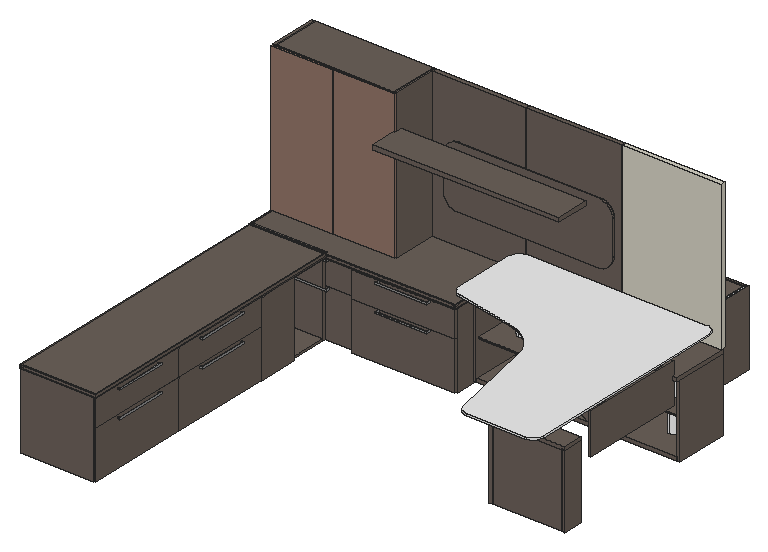
Revit family "OFS TYPICAL T100290", category Furniture, Revit 2022 (continued)
Definition of nested family "OFS STAKS HEIGHT ADJUSTABLE SWEEP TOP DESK 68x60 Top 16D Cabinet"
  Definition of nested family "APTOS SWEEP ELEVATED RUNOFF WORKSURFACE LEFT - WOOD TOP for 18D Cabinets"
    Automatic sketch dimensions
      Extrusion 11 sketch curve to Extrusion 11 sketch curve = 0' - 2.94241"
      Extrusion 11 sketch curve to Extrusion 11 sketch curve = 0' - 0.58118"
      Sweep 12 sketch curve to profile plane = 0' - 1 3/16"
      Sweep 12 sketch curve to profile plane = 0' - 0"
      Sweep 12 sketch curve to profile plane = 0' - 2"
      Sweep 12 sketch curve to profile plane = 0' - 0 1/2"
      Extrusion 11 sketch curve to Extrusion 11 sketch curve = 0' - 3"  (x3)
      Extrusion 11 sketch curve to Extrusion 11 sketch curve = 1' - 6.06402"
      Extrusion 11 sketch curve to Extrusion 11 sketch curve = 0' - 3.60914"
      Extrusion 11 sketch curve to Extrusion 11 sketch curve = 0' - 9.44492"
      Extrusion 11 sketch curve to Extrusion 11 sketch curve = 2' - 1.93921"
      Extrusion 11 sketch curve to Extrusion 11 sketch curve = 0' - 0.58119"
      Extrusion 11 sketch curve to Extrusion 11 sketch curve = 0' - 11.76966"
      Extrusion 11 sketch curve to Extrusion 11 sketch curve = 1' - 4.81851"
      Extrusion 11 sketch curve to Extrusion 11 sketch curve = 0' - 5.23697"
      Extrusion 11 sketch curve to Extrusion 11 sketch curve = 0' - 9.43275"
      Extrusion 11 sketch curve to Extrusion 11 sketch curve = 1' - 5.56883"
      Extrusion 11 sketch curve to Extrusion 11 sketch curve = 0' - 2.41502"
  Definition of nested family "H4H"
    Parameters (values of type "H4H")
      Width = 1' - 10"
      URL = ""
      Depth = 0' - 6"
      Default Elevation = 0' - 0"
      Column Material [instance] = none
      Board Material [instance] = none
      Model = ""
      Manufacturer = ""
      Leg Caps Material [instance] = none
      Height = 1' - 10 7/8"
      Description = ""
      Copyright © = ""
      Catalog = ""
      Authoring Version = ""
      Assembly Code = ""
    Reference planes (in)
      plane 1 "Center Front/Back": y = 0
      plane 2: z = 0
      plane 3 "Center Left/Right": x = 0
      plane 4 "Height Top": z = 22.875
      plane 5: z = 21.875
      plane 6: z = 0.5
      plane 7: z = 1.5
      plane 8: y = 0
      plane 9: y = -0.75
      plane 10: y = -5.25
      plane 11: y = -6
      plane 12: x = -11
      plane 13: x = -10
      plane 14: x = 10
      plane 15: x = 11
    Forms (in)
      Extrusion 1, solid, material <- "Board Material"
        sketch origin (-17.58789, 78.5, 0) x (1, 0, 0) y (0, 1, 0)
          loop
            line (6.58789, -78.5) -> (6.58789, -84.5) -> (7.58789, -84.5) -> (7.58789, -78.5) -> (6.58789, -78.5)
        from 0.5 to 21.875
      Extrusion 2, solid, material <- "Board Material"
        sketch origin (15.08789, 78.5, 0) x (-1, 0, 0) y (0, -1, 0)
          loop
            line (4.08789, 78.5) -> (5.08789, 78.5) -> (5.08789, 84.5) -> (4.08789, 84.5) -> (4.08789, 78.5)
        from 0.5 to 21.875
      Extrusion 3, solid, material <- "Board Material"
        sketch origin (-17.58789, 78.5, 0) x (1, 0, 0) y (0, 1, 0)
          loop
            line (7.58789, -78.5) -> (7.58789, -79.25) -> (27.58789, -79.25) -> (27.58789, -78.5) -> (7.58789, -78.5)
        from 0.5 to 21.875
      Extrusion 4, solid, material <- "Board Material"
        sketch origin (-17.58789, -84.5, 0) x (1, 0, 0) y (0, 1, 0)
          loop
            line (7.58789, 78.5) -> (27.58789, 78.5) -> (27.58789, 79.25) -> (7.58789, 79.25) -> (7.58789, 78.5)
        from 0.5 to 21.875
      Extrusion 5, solid, material <- "Board Material"
        sketch origin (-17.58789, 78.5, 0) x (1, 0, 0) y (0, 1, 0)
          loop
            line (6.58789, -78.5) -> (6.58789, -84.5) -> (28.58788, -84.5) -> (28.58788, -78.5) -> (6.58789, -78.5)
        from 21.875 to 22.875
      Revolve 6, solid, material <- "Leg Caps Material"
        sketch origin (-35.97047, -3, 0) x (1, 0, 0) y (0, 0, -1)
          loop
            line (27, -0.28743) -> (27, -0.5) -> (28, -0.5) -> (28, 0) -> (27.5, 0)
            arc (27.5, 0) -> (27.35629, -0.14371) -> (27.5, -0.28743) r 0.14371
            line (27.5, -0.28743) -> (27, -0.28743)
          axis (28, -0.5) -> (28, 0)
        angle from 0 to 360
      Revolve 7, solid, material <- "Leg Caps Material"
        sketch origin (35.97047, -3, 0) x (-1, 0, 0) y (0, 0, 1)
          loop
            line (27, 0.28743) -> (27.5, 0.28743)
            arc (27.5, 0.28743) -> (27.35629, 0.14371) -> (27.5, 0) r 0.14371
            line (27.5, 0) -> (28, 0) -> (28, 0.5) -> (27, 0.5) -> (27, 0.28743)
          axis (28, 0.5) -> (28, 0)
        angle from 0 to 360
      Extrusion 8, solid, material <- "Board Material"
        sketch origin (-17.58789, 78.5, 0) x (1, 0, 0) y (0, 1, 0)
          loop
            line (7.58789, -79.25) -> (7.58789, -83.75) -> (27.58789, -83.75) -> (27.58789, -79.25) -> (7.58789, -79.25)
        from 0.5 to 1.5
    Dimensions and locks (in)
      "Height": plane 4 "Height Top" to level
      plane 4 "Height Top" to plane 5 = 0' - 1"
      locked: plane 7 to plane 6 at 1
      plane 6 to level = 0' - 0 1/2"
      "Width": plane 12 to plane 15
      "Depth": plane 1 "Center Front/Back" to plane 11
      aligned and locked: level to plane 2
      aligned and locked: Extrusion 4 to plane 6
      aligned and locked: Extrusion 1 to plane 6
      aligned and locked: Extrusion 2 to plane 6
      aligned and locked: Extrusion 8 to plane 6
      aligned and locked: Extrusion 3 to plane 6
      aligned and locked: plane 7 to Extrusion 8
      aligned and locked: Extrusion 8 to plane 14
      aligned and locked: plane 4 "Height Top" to Extrusion 5
      aligned and locked: Extrusion 5 to plane 5
      aligned and locked: plane 5 to Extrusion 4
      aligned and locked: plane 5 to Extrusion 3
      aligned and locked: plane 5 to Extrusion 1
      aligned and locked: plane 5 to Extrusion 2
    Automatic sketch dimensions
      Extrusion 1 sketch curve to plane 11 = 0' - 0"
      Extrusion 1 sketch curve to plane 12 = 0' - 0"
      Extrusion 1 sketch curve to plane 13 = 0' - 0"
      Extrusion 1 sketch curve to plane 8 = 0' - 0"
      Extrusion 2 sketch curve to plane 11 = 0' - 0"
      Extrusion 2 sketch curve to plane 15 = 0' - 0"
      Extrusion 2 sketch curve to plane 14 = 0' - 0"
      Extrusion 2 sketch curve to plane 8 = 0' - 0"
      Extrusion 3 sketch curve to plane 9 = 0' - 0"
      Extrusion 3 sketch curve to plane 13 = 0' - 0"
      Extrusion 3 sketch curve to plane 14 = 0' - 0"
      Extrusion 3 sketch curve to plane 8 = 0' - 0"
      Extrusion 4 sketch curve to plane 13 = 0' - 0"
      Extrusion 4 sketch curve to plane 14 = 0' - 0"
      Extrusion 4 sketch curve to plane 11 = 0' - 0"
      plane 10 to Extrusion 4 sketch curve = 0' - 0"
      Extrusion 5 sketch curve to plane 11 = 0' - 0"
      Extrusion 5 sketch curve to plane 12 = 0' - 0"
      Extrusion 5 sketch curve to plane 15 = 0' - 0"
      Extrusion 5 sketch curve to plane 8 = 0' - 0"
      Revolve 6 sketch curve to plane 6 = 0' - 0"
      Revolve 6 sketch curve to level = 0' - 0"
      level to Revolve 6 sketch curve = 0' - 0.28743"
      Revolve 6 sketch curve to plane 13 = 0' - 1.02953"
      Revolve 6 sketch curve to Revolve 6 sketch curve = 0' - 0 1/2"  (x2)
      Revolve 6 sketch curve to Revolve 6 sketch curve = 0' - 0"  (x3)
      Revolve 6 sketch curve to plane 7 = 0' - 0 1/4"
      Revolve 6 sketch curve to level = 0' - 0 1/2"
      Revolve 7 sketch curve to plane 6 = 0' - 0"
      Revolve 7 sketch curve to level = 0' - 0"
      level to Revolve 7 sketch curve = 0' - 0.28743"
      plane 14 to Revolve 7 sketch curve = 0' - 1.02953"
      Revolve 7 sketch curve to Revolve 7 sketch curve = 0' - 0 1/2"  (x2)
      Revolve 7 sketch curve to Revolve 7 sketch curve = 0' - 0"  (x2)
      Revolve 7 sketch curve to level = 0' - 0 1/2"
      Revolve 7 sketch curve to Revolve 7 sketch curve = 0' - 0.14371"
      Revolve 7 sketch curve to plane 7 = 0' - 0 1/4"
      Extrusion 8 sketch curve to plane 13 = 0' - 0"
      Extrusion 8 sketch curve to plane 9 = 0' - 0"
      Extrusion 8 sketch curve to plane 10 = 0' - 0"
      plane 14 to Extrusion 8 sketch curve = 0' - 0"
Definition of nested family "STAKS MODESTY PANEL - Veneer _ Wood Grain _ Frosted"
  Parameters (values of type "STAKS MODESTY PANEL FROSTED ACRYLIC 29.938-12")
    URL = "http://www.ofs.com"
    Thickness = 0' - 0 1/4"
    Width = 2' - 5 15/16"
    Model = "6-AMPA"
    Manufacturer = "OFS"
    WDVNR/PNT = no
    WDGRN/TFL = no
    FROSTED = yes
    Description = "OFS STAKS MODESTY PANEL FROSTED ACRYLIC 29.9375-12 X .75, For Desks or Worksurface Height Tops"
    Default Elevation = 0' - 0"
    Copyright © = "©OFS 2018"
    Catalog = "https://ofs.com/products/casegoods/private-office/staks"
    BRKT L/R = no
    BRKT CNTR = no
    Authoring Version = "Autodesk Revit Architecture 2013"
    Assembly Code = "E2020200"
  Types (12): name | Thickness | Width | Model | WDVNR/PNT | WDGRN/TFL | FROSTED | Description | BRKT L/R | BRKT CNTR
    STAKS MODESTY PANEL WOOD VENEER 29.938-12 | 0' - 0 3/4" | 2' - 5.938" | "6-WMPA" | yes | no | no | "OFS STAKS MODESTY PANEL WOOD VENEER 29.9375-12 X .75, For Desks or Worksurface Height Tops" | yes | no
    STAKS MODESTY PANEL WOOD VENEER 47.9375-30 | 0' - 0 3/4" | 3' - 11 15/16" | "6-WMPB" | yes | no | no | "OFS STAKS MODESTY PANEL WOOD VENEER 47.9375-30 X .75, For Desks or Worksurface Height Tops" | yes | no
    STAKS MODESTY PANEL WOOD VENEER 65.9375-48 | 0' - 0 3/4" | 5' - 5 15/16" | "6-WMPC" | yes | no | no | "OFS STAKS MODESTY PANEL WOOD VENEER 65.9375-48 X .75, For Desks or Worksurface Height Tops" | yes | no
    STAKS MODESTY PANEL WOOD VENEER 84-66 | 0' - 0 3/4" | 7' - 0" | "6-WMPD" | yes | no | no | "OFS STAKS MODESTY PANEL WOOD VENEER 84-66 X .75, For Desks or Worksurface Height Tops" | yes | yes
    STAKS MODESTY PANEL TFL WOOD GRAIN AND TFL SOLID COLORS 29.938-12 | 0' - 0 3/4" | 2' - 5 15/16" | "6-KMPA" | no | yes | no | "OFS STAKS MODESTY PANEL TFL WOOD GRAIN AND TFL SOLID COLORS 29.9375-12 X .75, For Desks or Worksurface Height Tops" | yes | no
    STAKS MODESTY PANEL TFL WOOD GRAIN AND TFL SOLID COLORS 47.9375-30 | 0' - 0 3/4" | 3' - 11 15/16" | "6-KMPB" | no | yes | no | "OFS STAKS MODESTY PANEL TFL WOOD GRAIN AND TFL SOLID COLORS 47.9375-30 X .75, For Desks or Worksurface Height Tops" | yes | no
    STAKS MODESTY PANEL TFL WOOD GRAIN AND TFL SOLID COLORS 65.9375-48 | 0' - 0 3/4" | 5' - 5 15/16" | "6-KMPC" | no | yes | no | "OFS STAKS MODESTY PANEL TFL WOOD GRAIN AND TFL SOLID COLORS 65.9375-48 X .75, For Desks or Worksurface Height Tops" | yes | no
    STAKS MODESTY PANEL TFL WOOD GRAIN AND TFL SOLID COLORS 84-66 | 0' - 0 3/4" | 7' - 0" | "6-KMPD" | no | yes | no | "OFS STAKS MODESTY PANEL TFL WOOD GRAIN AND TFL SOLID COLORS 84-66 X .75, For Desks or Worksurface Height Tops" | yes | yes
    STAKS MODESTY PANEL FROSTED ACRYLIC 29.938-12 | 0' - 0 1/4" | 2' - 5 15/16" | "6-AMPA" | no | no | yes | "OFS STAKS MODESTY PANEL FROSTED ACRYLIC 29.9375-12 X .75, For Desks or Worksurface Height Tops" | no | no
    STAKS MODESTY PANEL FROSTED ACRYLIC 47.938-30 | 0' - 0 1/4" | 3' - 11 15/16" | "6-AMPB" | no | no | yes | "OFS STAKS MODESTY PANEL FROSTED ACRYLIC 47.9375-30 X .75, For Desks or Worksurface Height Tops" | no | no
    STAKS MODESTY PANEL FROSTED ACRYLIC 65.938-48 | 0' - 0 1/4" | 5' - 5 15/16" | "6-AMPC" | no | no | yes | "OFS STAKS MODESTY PANEL FROSTED ACRYLIC 65.9375-48 X .75, For Desks or Worksurface Height Tops" | no | no
    STAKS MODESTY PANEL FROSTED ACRYLIC 84-66 | 0' - 0 1/4" | 7' - 0" | "6-AMPD" | no | no | yes | "OFS STAKS MODESTY PANEL FROSTED ACRYLIC 84-66 X .75, For Desks or Worksurface Height Tops" | no | no
  Reference planes (in)
    plane 1: z = 0
    plane 2 "Back": y = 1.62535
    plane 3 "MOUNTING LEVEL": z = 27.375
    plane 4 "RIGHT": x = -2.531
    plane 5: x = 12.43775
    plane 6: x = -17.49975
    plane 7: y = 1.37535
    plane 8: z = 26.875
    plane 9: z = 15.125
    plane 10: x = -14.12475
    plane 11: x = 9.06275
  Forms (in)
    Extrusion 1, solid, visible <- "WDVNR/PNT"
      sketch origin (-21.5, 2.25, 14.94485) x (0, 1, 0) y (0, 0, 1)
        loop
          line (-0.87465, 11.93015) -> (-0.87465, 0.18015) -> (-0.62465, 0.18015) -> (-0.62465, 11.93015) -> (-0.87465, 11.93015)
      from 4.00025 to 33.93775
    Extrusion 2, solid, visible <- "WDGRN/TFL"
      sketch origin (-21.65252, 0.50666, 14.94485) x (0, 1, 0) y (0, 0, 1)
        loop
          line (0.86869, 11.93015) -> (0.86869, 0.18015) -> (1.11869, 0.18015) -> (1.11869, 11.93015) -> (0.86869, 11.93015)
      from 4.15277 to 34.09027
    Extrusion 3, solid, not visible
      sketch origin (-21.65252, -2.24334, 14.94485) x (0, 1, 0) y (0, 0, 1)
        loop
          line (3.61869, 11.93015) -> (3.61869, 0.18015) -> (3.86869, 0.18015) -> (3.86869, 11.93015) -> (3.61869, 11.93015)
      from 4.15277 to 34.09027
    Extrusion 4, solid, visible <- "FROSTED"
      sketch origin (-21.65252, -5.24334, 14.94485) x (0, 1, 0) y (0, 0, 1)
        loop
          line (6.61869, 11.93015) -> (6.61869, 0.18015) -> (6.86869, 0.18015) -> (6.86869, 11.93015) -> (6.61869, 11.93015)
      from 4.15277 to 34.09027
  Lines and regions (in)
    Masking region 1, visible <- "WDVNR/PNT"
      outline origin (0, 0, 27.375) x (-1, 0, 0) y (0, -1, 0)
        loop
          line (17.49975, -1.62535) -> (17.49975, -1.37535) -> (-12.43775, -1.37535) -> (-12.43775, -1.62535) -> (17.49975, -1.62535)
    Masking region 2, visible <- "WDGRN/TFL"
      outline origin (-0.15252, -1.74334, 27.375) x (-1, 0, 0) y (0, -1, 0)
        loop
          line (17.34723, -3.36869) -> (17.34723, -3.11869) -> (-12.59027, -3.11869) -> (-12.59027, -3.36869) -> (17.34723, -3.36869)
    Masking region 3, not visible
      outline origin (-0.15252, -4.49334, 27.375) x (-1, 0, 0) y (0, -1, 0)
        loop
          line (17.34723, -6.11869) -> (17.34723, -5.86869) -> (-12.59027, -5.86869) -> (-12.59027, -6.11869) -> (17.34723, -6.11869)
    Masking region 4, visible <- "FROSTED"
      outline origin (-0.15252, -43.24334, 27.375) x (-1, 0, 0) y (0, -1, 0)
        loop
          line (17.34723, -44.86869) -> (17.34723, -44.61869) -> (-12.59027, -44.61869) -> (-12.59027, -44.86869) -> (17.34723, -44.86869)
    Masking region 5, visible <- "BRKT L/R"
      outline origin (0, 0, 27.375) x (-1, 0, 0) y (0, -1, 0)
        loop
          line (11.37475, -1.37535) -> (14.12475, -1.37535) -> (14.12475, -0.12535)
          arc (14.12475, -0.12535) -> (14.05153, 0.05143) -> (13.87475, 0.12465) r 0.25
          line (13.87475, 0.12465) -> (11.62475, 0.12465)
          arc (11.62475, 0.12465) -> (11.44797, 0.05143) -> (11.37475, -0.12535) r 0.25
          line (11.37475, -0.12535) -> (11.37475, -1.37535)
    Masking region 6, visible <- "BRKT CNTR"
      outline origin (11, 0, 27.375) x (-1, 0, 0) y (0, -1, 0)
        loop
          line (12.156, -1.37535) -> (14.906, -1.37535) -> (14.906, -0.12535)
          arc (14.906, -0.12535) -> (14.83278, 0.05143) -> (14.656, 0.12465) r 0.25
          line (14.656, 0.12465) -> (12.406, 0.12465)
          arc (12.406, 0.12465) -> (12.22922, 0.05143) -> (12.156, -0.12535) r 0.25
          line (12.156, -0.12535) -> (12.156, -1.37535)
    Masking region 7, visible <- "BRKT L/R"
      outline origin (23.25, 0, 27.375) x (-1, 0, 0) y (0, -1, 0)
        loop
          line (14.18725, -1.37535) -> (16.93725, -1.37535) -> (16.93725, -0.12535)
          arc (16.93725, -0.12535) -> (16.86403, 0.05143) -> (16.68725, 0.12465) r 0.25
          line (16.68725, 0.12465) -> (14.43725, 0.12465)
          arc (14.43725, 0.12465) -> (14.26047, 0.05143) -> (14.18725, -0.12535) r 0.25
          line (14.18725, -0.12535) -> (14.18725, -1.37535)
  Dimensions and locks (in)
    locked: plane 3 "MOUNTING LEVEL" to plane 1 at 27.375
    equal spacing: plane 6, plane 4 "RIGHT", plane 5
    "Width": plane 6 to plane 5
    "Thickness": plane 7 to plane 2 "Back"
    locked: plane 3 "MOUNTING LEVEL" to plane 8 at 0.5
    locked: plane 8 to plane 9 at 11.75
    locked: plane 6 to plane 10 at 3.375
    locked: plane 11 to plane 5 at 3.375
    aligned and locked: level to plane 1
    aligned and locked: Extrusion 1 to plane 6
    aligned and locked: Extrusion 1 to plane 2 "Back"
    aligned and locked: plane 7 to Extrusion 1
    aligned and locked: plane 5 to Extrusion 1
    aligned and locked: Extrusion 2 to plane 6
    aligned and locked: Masking region 2 to plane 6
    aligned and locked: plane 5 to Extrusion 2
    aligned and locked: plane 5 to Masking region 2
    aligned and locked: plane 5 to Extrusion 3
    aligned and locked: plane 5 to Masking region 3
    aligned and locked: Extrusion 3 to plane 6
    aligned and locked: Masking region 3 to plane 6
    aligned and locked: Extrusion 4 to plane 6
    aligned and locked: Masking region 4 to plane 6
    aligned and locked: plane 5 to Extrusion 4
    aligned and locked: plane 5 to Masking region 4
    aligned and locked: Extrusion 2 to plane 2 "Back"
    aligned and locked: Masking region 2 to plane 2 "Back"
    aligned and locked: plane 7 to Extrusion 2
    aligned and locked: plane 7 to Masking region 2
    aligned and locked: Extrusion 3 to plane 2 "Back"
    aligned and locked: Masking region 3 to plane 2 "Back"
    aligned and locked: plane 7 to Extrusion 3
    aligned and locked: plane 7 to Masking region 3
    aligned and locked: Extrusion 4 to plane 2 "Back"
    aligned and locked: Masking region 4 to plane 2 "Back"
    aligned and locked: plane 7 to Extrusion 4
    aligned and locked: plane 7 to Masking region 4
    aligned: plane 8 to Extrusion 4
    aligned: plane 8 to Extrusion 3
    aligned: plane 8 to Extrusion 2
    aligned and locked: plane 8 to Extrusion 1
    aligned and locked: Extrusion 4 to plane 9
    aligned and locked: Extrusion 3 to plane 9
    aligned and locked: Extrusion 2 to plane 9
    aligned and locked: Extrusion 1 to plane 9
    aligned and locked: plane 8 to Extrusion 4
    aligned and locked: plane 8 to Extrusion 3
    aligned and locked: plane 8 to Extrusion 2
    aligned and locked: plane 3 "MOUNTING LEVEL" to nested 1
    aligned and locked: plane 7 to nested 1
    aligned and locked: plane 3 "MOUNTING LEVEL" to nested 2
    aligned and locked: plane 3 "MOUNTING LEVEL" to nested 3
    aligned and locked: nested 2 to plane 10
    aligned and locked: nested 3 to plane 11
    aligned and locked: plane 7 to nested 2
    aligned and locked: plane 7 to nested 3
    aligned and locked: Masking region 6 to nested 1  (x2)
    aligned and locked: Masking region 7 to plane 11
    aligned and locked: Masking region 7 to nested 3
  Automatic sketch dimensions
    Extrusion 1 sketch curve to plane 7 = 0' - 0"
    Extrusion 1 sketch curve to plane 2 "Back" = 0' - 0"
    Extrusion 1 sketch curve to plane 9 = 0' - 0"
    Extrusion 1 sketch curve to plane 8 = 0' - 0"
    plane 2 "Back" to Masking region 1 sketch curve = 0' - 0"
    Masking region 1 sketch curve to plane 5 = 0' - 0"
    Masking region 1 sketch curve to plane 6 = 0' - 0"
    plane 7 to Masking region 1 sketch curve = 0' - 0"
    Extrusion 2 sketch curve to plane 7 = 0' - 0"
    Extrusion 2 sketch curve to plane 2 "Back" = 0' - 0"
    Extrusion 2 sketch curve to plane 9 = 0' - 0"
    Extrusion 2 sketch curve to plane 8 = 0' - 0"
    plane 2 "Back" to Masking region 2 sketch curve = 0' - 0"
    Masking region 2 sketch curve to plane 5 = 0' - 0"
    Masking region 2 sketch curve to plane 6 = 0' - 0"
    plane 7 to Masking region 2 sketch curve = 0' - 0"
    Extrusion 3 sketch curve to plane 7 = 0' - 0"
    Extrusion 3 sketch curve to plane 2 "Back" = 0' - 0"
    Extrusion 3 sketch curve to plane 9 = 0' - 0"
    Extrusion 3 sketch curve to plane 8 = 0' - 0"
    plane 2 "Back" to Masking region 3 sketch curve = 0' - 0"
    Masking region 3 sketch curve to plane 5 = 0' - 0"
    Masking region 3 sketch curve to plane 6 = 0' - 0"
    plane 7 to Masking region 3 sketch curve = 0' - 0"
    Extrusion 4 sketch curve to plane 7 = 0' - 0"
    Extrusion 4 sketch curve to plane 2 "Back" = 0' - 0"
    Extrusion 4 sketch curve to plane 9 = 0' - 0"
    Extrusion 4 sketch curve to plane 8 = 0' - 0"
    plane 2 "Back" to Masking region 4 sketch curve = 0' - 0"
    Masking region 4 sketch curve to plane 5 = 0' - 0"
    Masking region 4 sketch curve to plane 6 = 0' - 0"
    plane 7 to Masking region 4 sketch curve = 0' - 0"
    plane 7 to Masking region 5 sketch curve = 0' - 0"
    Masking region 5 sketch curve to plane 10 = 0' - 0"
    plane 10 to Masking region 5 sketch curve = 0' - 0 1/4"
    Masking region 5 sketch curve to Masking region 5 sketch curve = 0' - 2 1/4"
    Masking region 5 sketch curve to Masking region 5 sketch curve = 0' - 0 1/4"
    plane 7 to Masking region 5 sketch curve = 0' - 1 1/4"
    plane 7 to Masking region 6 sketch curve = 0' - 0"
    plane 4 "RIGHT" to Masking region 6 sketch curve = 0' - 1 3/8"
    Masking region 6 sketch curve to Masking region 6 sketch curve = 0' - 0 1/4"  (x2)
    Masking region 6 sketch curve to plane 4 "RIGHT" = 0' - 1 1/8"
    Masking region 6 sketch curve to Masking region 6 sketch curve = 0' - 1 1/4"
    plane 7 to Masking region 7 sketch curve = 0' - 0"
    plane 11 to Masking region 7 sketch curve = 0' - 0"
    Masking region 7 sketch curve to Masking region 7 sketch curve = 0' - 0 1/4"  (x2)
    Masking region 7 sketch curve to Masking region 7 sketch curve = 0' - 2 1/4"
    Masking region 7 sketch curve to Masking region 7 sketch curve = 0' - 1 1/4"
  Nested families (in)
    nested 1: "MP BRKT" at (-2.531, 1.37535, 25.375), visible <- "BRKT CNTR", type "6-MPB-1"
    nested 2: "MP BRKT" at (-12.74975, 1.37535, 25.375), visible <- "BRKT L/R", type "6-MPB-1"
    nested 3: "MP BRKT" at (7.68775, 1.37535, 25.375), visible <- "BRKT L/R", type "6-MPB-1"
  Definition of nested family "MP BRKT"
    Parameters
      Default Elevation = 0' - 0"
    Reference planes (in)
      plane 1 "Center (Front/Back)": y = 0
      plane 2: z = 0
      plane 3 "Center (Left/Right)": x = 0
    Forms (in)
      Extrusion 1, solid
        sketch origin (-1.375, 0, 0) x (0, 1, 0) y (0, 0, 1)
          loop
            line (0, 0) -> (0, 1.625)
            arc (0, 1.625) -> (-0.10983, 1.89017) -> (-0.375, 2) r 0.375
            line (-0.375, 2) -> (-1.5, 2) -> (-1.5, 1.75) -> (-0.375, 1.75)
            arc (-0.375, 1.75) -> (-0.28661, 1.71339) -> (-0.25, 1.625) r 0.125
            line (-0.25, 1.625) -> (-0.25, 0) -> (0, 0)
        from 0 to 2.75
      Extrusion 2, void
        sketch origin (0, 0, 0) x (1, 0, 0) y (0, 1, 0)
          loop
            line (-1.375, -1.5) -> (-1.125, -1.5)
            arc (-1.125, -1.5) -> (-1.30178, -1.42678) -> (-1.375, -1.25) r 0.25
            line (-1.375, -1.25) -> (-1.375, -1.5)
        from 1.75 to 2
      Extrusion 3, void
        sketch origin (0, 0, 0) x (-1, 0, 0) y (0, -1, 0)
          loop
            line (-1.375, 1.5) -> (-1.375, 1.25)
            arc (-1.375, 1.25) -> (-1.30178, 1.42678) -> (-1.125, 1.5) r 0.25
            line (-1.125, 1.5) -> (-1.375, 1.5)
        from 1.75 to 2
      Extrusion 4, void
        sketch origin (0, -2, 1.5) x (1, 0, 0) y (0, 0, -1)
          loop
            line (-1.375, 1.5) -> (-1.375, 1.25)
            arc (-1.375, 1.25) -> (-1.30178, 1.42678) -> (-1.125, 1.5) r 0.25
            line (-1.125, 1.5) -> (-1.375, 1.5)
        from 1.75 to 2
      Extrusion 5, void
        sketch origin (0, -2, 1.5) x (-1, 0, 0) y (0, 0, 1)
          loop
            line (-1.375, -1.5) -> (-1.125, -1.5)
            arc (-1.125, -1.5) -> (-1.30178, -1.42678) -> (-1.375, -1.25) r 0.25
            line (-1.375, -1.25) -> (-1.375, -1.5)
        from 1.75 to 2
    Cuts and joins
      Extrusion 2, Extrusion 3, Extrusion 4, Extrusion 5 cuts Extrusion 1
    Dimensions and locks (in)
      aligned and locked: Extrusion 1 to Extrusion 2
      aligned and locked: Extrusion 2 to Extrusion 1
Definition of nested family "STAKS BENCHING RECTANGULAR WORKSURFACES"
  Parameters (values of type "STAKS BENCHING RECTANGULAR WORKSURFACE 48 X 22")
    URL = "https://www.ofs.com/"
    SURFACE DEPTH = 1' - 10"
    Model = "6-MCT-48/22"
    Manufacturer = "OFS"
    Description = "OFS STAKS BENCHING 48 X 22 RECTANGULAR WORKSURFACE"
    SURFACE WIDTH = 4' - 0"
    Default Elevation = 0' - 0"
    Copyright © = "© 2018 OFS"
    Catalog = "https://ofs.com/products/open-plan/benching/staks"
    Authoring Version = "Autodesk Revit Architecture 2013"
    Assembly Code = "E2020200"
  Types (21): name | SURFACE DEPTH | Model | Description | SURFACE WIDTH
    STAKS BENCHING RECTANGULAR WORKSURFACE 48 X 22 | 1' - 10" | "6-MCT-48/22" | "OFS STAKS BENCHING 48 X 22 RECTANGULAR WORKSURFACE" | 4' - 0"
    STAKS BENCHING RECTANGULAR WORKSURFACE 60 X 22 | 1' - 10" | "6-MCT-60/22" | "OFS STAKS BENCHING 60 X 22 RECTANGULAR WORKSURFACE" | 5' - 0"
    STAKS BENCHING RECTANGULAR WORKSURFACE 72 X 22 | 1' - 10" | "6-MCT-72/22" | "OFS STAKS BENCHING 72 X 22 RECTANGULAR WORKSURFACE" | 6' - 0"
    STAKS BENCHING RECTANGULAR WORKSURFACE 60 X 36 | 3' - 0" | "6-MCT-60/36" | "OFS STAKS BENCHING 60 X 36 RECTANGULAR WORKSURFACE" | 5' - 0"
    STAKS BENCHING RECTANGULAR WORKSURFACE 72 X 36 | 3' - 0" | "6-MCT-72/36" | "OFS STAKS BENCHING 72 X 36 RECTANGULAR WORKSURFACE" | 6' - 0"
    STAKS BENCHING RECTANGULAR WORKSURFACE 60 X 30 | 2' - 6" | "6-MCT-60/30" | "OFS STAKS BENCHING 60 X 30 RECTANGULAR WORKSURFACE" | 5' - 0"
    STAKS BENCHING RECTANGULAR WORKSURFACE 72 X 30 | 2' - 6" | "6-MCT-72/30" | "OFS STAKS BENCHING 72 X 30 RECTANGULAR WORKSURFACE" | 6' - 0"
    STAKS BENCHING RECTANGULAR WORKSURFACE 48 X 30 | 2' - 6" | "6-MCT-48/30" | "OFS STAKS BENCHING 48 X 30 RECTANGULAR WORKSURFACE" | 4' - 0"
    STAKS BENCHING RECTANGULAR WORKSURFACE 48 X 36 | 3' - 0" | "6-MCT-48/36" | "OFS STAKS BENCHING 48 X 36 RECTANGULAR WORKSURFACE" | 4' - 0"
    STAKS BENCHING RECTANGULAR WORKSURFACE 54 X 22 | 1' - 10" | "6-MCT-54/22" | "OFS STAKS BENCHING 54 X 22 RECTANGULAR WORKSURFACE" | 4' - 6"
    STAKS BENCHING RECTANGULAR WORKSURFACE 66 X 22 | 1' - 10" | "6-MCT-66/22" | "OFS STAKS BENCHING 66 X 22 RECTANGULAR WORKSURFACE" | 5' - 6"
    STAKS BENCHING RECTANGULAR WORKSURFACE 78 X 22 | 1' - 10" | "6-MCT-78/22" | "OFS STAKS BENCHING 78 X 22 RECTANGULAR WORKSURFACE" | 6' - 6"
    STAKS BENCHING RECTANGULAR WORKSURFACE 84 X 22 | 1' - 10" | "6-MCT-84/22" | "OFS STAKS BENCHING 84 X 22 RECTANGULAR WORKSURFACE" | 7' - 0"
    STAKS BENCHING RECTANGULAR WORKSURFACE 54 X 30 | 2' - 6" | "6-MCT-54/30" | "OFS STAKS BENCHING 54 X 30 RECTANGULAR WORKSURFACE" | 4' - 6"
    STAKS BENCHING RECTANGULAR WORKSURFACE 66 X 30 | 2' - 6" | "6-MCT-66/30" | "OFS STAKS BENCHING 66 X 30 RECTANGULAR WORKSURFACE" | 5' - 6"
    STAKS BENCHING RECTANGULAR WORKSURFACE 78 X 30 | 2' - 6" | "6-MCT-78/30" | "OFS STAKS BENCHING 78 X 30 RECTANGULAR WORKSURFACE" | 6' - 6"
    STAKS BENCHING RECTANGULAR WORKSURFACE 84 X 30 | 2' - 6" | "6-MCT-84/30" | "OFS STAKS BENCHING 84 X 30 RECTANGULAR WORKSURFACE" | 7' - 0"
    STAKS BENCHING RECTANGULAR WORKSURFACE 54 X 36 | 3' - 0" | "6-MCT-54/36" | "OFS STAKS BENCHING 54 X 36 RECTANGULAR WORKSURFACE" | 4' - 6"
    STAKS BENCHING RECTANGULAR WORKSURFACE 66 X 36 | 3' - 0" | "6-MCT-66/36" | "OFS STAKS BENCHING 66 X 36 RECTANGULAR WORKSURFACE" | 5' - 6"
    STAKS BENCHING RECTANGULAR WORKSURFACE 78 X 36 | 3' - 0" | "6-MCT-78/36" | "OFS STAKS BENCHING 78 X 36 RECTANGULAR WORKSURFACE" | 6' - 6"
    STAKS BENCHING RECTANGULAR WORKSURFACE 84 X 36 | 3' - 0" | "6-MCT-84/36" | "OFS STAKS BENCHING 84 X 36 RECTANGULAR WORKSURFACE" | 6' - 6"
  Reference planes (in)
    plane 1: z = -0.125
    plane 2 "LEFT": x = 7.55498
    plane 3 "RIGHT": x = 55.55498
    plane 4 "BACK": y = -1.83365
    plane 5 "FRONT": y = -23.83365
    plane 6: x = 7.67998
    plane 7: x = 55.42998
    plane 8: y = -1.95865
    plane 9: y = -23.70865
    plane 10: z = 27.75
    plane 11 "SURFACE TOP": z = 28.875
  Forms (in)
    Extrusion 1, solid
      sketch origin (0, 0, 17.125) x (-1, 0, 0) y (0, -1, 0)
        loop
          line (-7.67998, 1.95865) -> (-7.67998, 23.70865) -> (-55.42998, 23.70865) -> (-55.42998, 1.95865) -> (-7.67998, 1.95865)
      from 11.75 to 10.625
    Sweep 2, solid
      path origin (0, 0, 28.875) x (0, 1, 0) y (-1, 0, 0)
        loop
          line (-23.83365, -7.55498) -> (-23.83365, -55.55498) -> (-1.83365, -55.55498) -> (-1.83365, -7.55498) -> (-23.83365, -7.55498)
      profile origin (31.55498, -23.83365, 28.875) x (0, 1, 0) y (0, 0, 1)
        loop
          arc (0.125, 0) -> (0.03661, -0.03661) -> (0, -0.125) r 0.125
          line (0, -0.125) -> (0, -1)
          arc (0, -1) -> (0.03661, -1.08839) -> (0.125, -1.125) r 0.125
          line (0.125, -1.125) -> (0.125, 0)
  Lines and regions (in)
    Masking region 1
      outline origin (0, 0, 16.625) x (-1, 0, 0) y (0, -1, 0)
        loop
          line (-7.67998, 1.95865) -> (-7.55498, 1.83365) -> (-7.55498, 23.83365) -> (-7.67998, 23.70865) -> (-7.67998, 1.95865)
    Masking region 2
      outline origin (0, 0, 16.625) x (-1, 0, 0) y (0, -1, 0)
        loop
          line (-7.55498, 1.83365) -> (-7.67998, 1.95865) -> (-55.42998, 1.95865) -> (-55.55498, 1.83365) -> (-7.55498, 1.83365)
    Masking region 3
      outline origin (0, 0, 16.625) x (-1, 0, 0) y (0, -1, 0)
        loop
          line (-55.55498, 1.83365) -> (-55.42998, 1.95865) -> (-55.42998, 23.70865) -> (-55.55498, 23.83365) -> (-55.55498, 1.83365)
    Masking region 4
      outline origin (0, 0, 16.625) x (-1, 0, 0) y (0, -1, 0)
        loop
          line (-55.55498, 23.83365) -> (-55.42998, 23.70865) -> (-7.67998, 23.70865) -> (-7.55498, 23.83365) -> (-55.55498, 23.83365)
    Masking region 5
      outline origin (0, 0, 16.625) x (-1, 0, 0) y (0, -1, 0)
        loop
          line (-55.42998, 23.70865) -> (-55.42998, 1.95865) -> (-7.67998, 1.95865) -> (-7.67998, 23.70865) -> (-55.42998, 23.70865)
  Dimensions and locks (in)
    "SURFACE DEPTH": plane 4 "BACK" to plane 5 "FRONT"
    "SURFACE WIDTH": plane 2 "LEFT" to plane 3 "RIGHT"
    locked: plane 11 "SURFACE TOP" to plane 10 at 1.125
    locked: plane 4 "BACK" to plane 8 at 0.125
    locked: plane 2 "LEFT" to plane 6 at 0.125
    locked: plane 7 to plane 3 "RIGHT" at 0.125
    locked: plane 9 to plane 5 "FRONT" at 0.125
    aligned: level to plane 1
    aligned and locked: plane 8 to Extrusion 1 sketch curve
    aligned and locked: Extrusion 1 sketch curve to plane 6
    aligned and locked: Extrusion 1 sketch curve to plane 9
    aligned and locked: plane 7 to Extrusion 1 sketch curve
    aligned and locked: plane 11 "SURFACE TOP" to Extrusion 1
    aligned and locked: Extrusion 1 to plane 10
    aligned and locked: Sweep 2 sketch curve to plane 5 "FRONT"
    aligned and locked: Sweep 2 sketch curve to plane 2 "LEFT"
    aligned and locked: plane 4 "BACK" to Sweep 2 sketch curve
    aligned and locked: plane 3 "RIGHT" to Sweep 2 sketch curve
  Automatic sketch dimensions
    Masking region 1 sketch curve to plane 6 = 0' - 0"
    Masking region 1 sketch curve to plane 2 "LEFT" = 0' - 0"
    Masking region 1 sketch curve to plane 4 "BACK" = 0' - 0"
    Masking region 1 sketch curve to plane 8 = 0' - 0"
    Masking region 1 sketch curve to plane 9 = 0' - 0"
    Masking region 1 sketch curve to plane 5 "FRONT" = 0' - 0"
    Masking region 2 sketch curve to plane 3 "RIGHT" = 0' - 0"
    Masking region 2 sketch curve to plane 7 = 0' - 0"
    Masking region 2 sketch curve to plane 6 = 0' - 0"
    Masking region 2 sketch curve to plane 2 "LEFT" = 0' - 0"
    Masking region 2 sketch curve to plane 4 "BACK" = 0' - 0"
    Masking region 2 sketch curve to plane 8 = 0' - 0"
    Masking region 3 sketch curve to plane 3 "RIGHT" = 0' - 0"
    Masking region 3 sketch curve to plane 7 = 0' - 0"
    Masking region 3 sketch curve to plane 4 "BACK" = 0' - 0"
    Masking region 3 sketch curve to plane 8 = 0' - 0"
    Masking region 3 sketch curve to plane 9 = 0' - 0"
    Masking region 3 sketch curve to plane 5 "FRONT" = 0' - 0"
    Masking region 4 sketch curve to plane 3 "RIGHT" = 0' - 0"
    Masking region 4 sketch curve to plane 7 = 0' - 0"
    Masking region 4 sketch curve to plane 6 = 0' - 0"
    Masking region 4 sketch curve to plane 2 "LEFT" = 0' - 0"
    Masking region 4 sketch curve to plane 9 = 0' - 0"
    Masking region 4 sketch curve to plane 5 "FRONT" = 0' - 0"
    Masking region 5 sketch curve to plane 7 = 0' - 0"
    Masking region 5 sketch curve to plane 6 = 0' - 0"
    Masking region 5 sketch curve to plane 8 = 0' - 0"
    Masking region 5 sketch curve to plane 9 = 0' - 0"
    Sweep 2 sketch curve to profile plane = 0' - 0"
    Sweep 2 sketch curve to plane 11 "SURFACE TOP" = 0' - 0"
    Sweep 2 sketch curve to profile plane = 0' - 0 1/8"
    Sweep 2 sketch curve to Sweep 2 sketch curve = 0' - 0 7/8"
Definition of nested family "STAKS LOW HEIGHT OPEN PEDESTAL WITH SLIDING DOOR - NO RISER SUPPORT"
  Parameters (values of type "STAKS LOW HEIGHT OPEN PEDESTAL WITH SLIDING DOOR - NO RISER SUPPORT 24 x 19")
    URL = "http://www.ofs.com/"
    Riser Support = 0' - 0"
    Model = "6-NL2419MPD5"
    Manufacturer = "OFS"
    Height = 1' - 9 7/8"
    Drawer Material = none
    Drawer Handle Width = 0' - 5 7/16"
    Drawer Handle Material = none
    Description = "OFS STAKS LOW HEIGHT OPEN PEDESTAL WITH SLIDING DOOR - NO RISER SUPPORT 24\" W x 19\" D, Sliding Door & One Stationary Shelf, Use with 22\"D Worksurfaces"
    Width = 2' - 0"
    Depth = 1' - 7 3/8"
    Default Elevation = 0' - 0"
    DH2 = 0' - 6 1/2"
    DH1 = 1' - 2 3/8"
    Copyright © = "© 2018 OFS"
    Chasis Material = none
    Catalog = "https://ofs.com/products/casegoods/private-office/staks"
    Board Thickness = 0' - 0 3/4"
    Authoring Version = "Autodesk Revit Architecture 2013"
    Assembly Code = "E2020200"
  Types (6): name | Model | Description | Width | Depth
    STAKS LOW HEIGHT OPEN PEDESTAL WITH SLIDING DOOR - NO RISER SUPPORT 24 x 19 | "6-NL2419MPD5" | "OFS STAKS LOW HEIGHT OPEN PEDESTAL WITH SLIDING DOOR - NO RISER SUPPORT 24\" W x 19\" D, Sliding Door & One Stationary Shelf, Use with 22\"D Worksurfaces" | 2' - 0" | 1' - 7 3/8"
    STAKS LOW HEIGHT OPEN PEDESTAL WITH SLIDING DOOR - NO RISER SUPPORT 24 x 22 | "6-NL2422MPD5" | "OFS STAKS LOW HEIGHT OPEN PEDESTAL WITH SLIDING DOOR - NO RISER SUPPORT 24\" W x 22\" D, Sliding Door & One Stationary Shelf, Use with 22\"D Worksurfaces" | 2' - 0" | 1' - 9 7/8"
    STAKS LOW HEIGHT OPEN PEDESTAL WITH SLIDING DOOR - NO RISER SUPPORT 30 x 22 | "6-NL3022MPD5" | "OFS STAKS LOW HEIGHT OPEN PEDESTAL WITH SLIDING DOOR - NO RISER SUPPORT 30\" W x 22\" D, Sliding Door & One Stationary Shelf, Use with 22\"D Worksurfaces" | 2' - 6" | 1' - 9 7/8"
    STAKS LOW HEIGHT OPEN PEDESTAL WITH SLIDING DOOR - NO RISER SUPPORT 30 x 19 | "6-NL3019MPD5" | "OFS STAKS LOW HEIGHT OPEN PEDESTAL WITH SLIDING DOOR - NO RISER SUPPORT 30\" W x 19\" D, Sliding Door & One Stationary Shelf, Use with 22\"D Worksurfaces" | 2' - 6" | 1' - 7 3/8"
    STAKS LOW HEIGHT OPEN PEDESTAL WITH SLIDING DOOR - NO RISER SUPPORT 36 x 19 | "6-NL3619MPD5" | "OFS STAKS LOW HEIGHT OPEN PEDESTAL WITH SLIDING DOOR - NO RISER SUPPORT 36\" W x 19\" D, Sliding Door & One Stationary Shelf, Use with 22\"D Worksurfaces" | 3' - 0" | 1' - 7 3/8"
    STAKS LOW HEIGHT OPEN PEDESTAL WITH SLIDING DOOR - NO RISER SUPPORT 36 x 22 | "6-NL3622MPD5" | "OFS STAKS LOW HEIGHT OPEN PEDESTAL WITH SLIDING DOOR - NO RISER SUPPORT 36\" W x 22\" D, Sliding Door & One Stationary Shelf, Use with 22\"D Worksurfaces" | 3' - 0" | 1' - 9 7/8"
  Reference planes (in)
    plane 1: z = 0
    plane 2 "Right": x = 20.97711
    plane 3: z = 21.875
    plane 4: z = 14.375
    plane 5: z = 14.25
    plane 6: z = 0
    plane 7: z = 14
    plane 8: z = 21.625
    plane 9: z = 13.531
    plane 10: z = 21.15625
    plane 11: x = 8.97711
    plane 12: y = 1.37535
    plane 13: y = 0.62535
    plane 14: x = 9.03961
    plane 15: x = 32.91411
    plane 16: x = 9.72711
    plane 17: y = 20.00035
    plane 18: x = 32.97711
    plane 19: x = 32.22711
    plane 20: y = -0.18715
    plane 21: y = -0.37465
    plane 22: z = 20.875
    plane 23: z = 20.75
    plane 24: z = 20.5
    plane 25: z = 20.031
    plane 26: z = 0.25
    plane 27: y = 19.25035
    plane 28: z = 0.75
    plane 29: y = 16.75035
    plane 30: y = 4.37535
    plane 31: y = 8.37535
    plane 32: y = 12.75035
    plane 33: y = 5.00035
    plane 34: y = 13.37535
    plane 35: z = 22
    plane 36: x = 21.35211
    plane 37: x = 20.60211
    plane 38: x = 21.04011
    plane 39: x = 20.91461
    plane 40: x = 14.97711
    plane 41: x = 17.69586
    plane 42: x = 12.25836
    plane 43: x = 12.63336
    plane 44: x = 17.32086
    plane 45: x = 26.97711
    plane 46: x = 24.25836
    plane 47: x = 29.69586
    plane 48: x = 29.32086
    plane 49: x = 24.63336
  Forms (in)
    Extrusion 1, solid, material <- "Chasis Material"
      sketch origin (-3, -1.24965, 0) x (1, 0, 0) y (0, 0, 1)
        loop
          line (11.97711, 0) -> (12.72711, 0) -> (12.72711, 21.875) -> (11.97711, 21.875) -> (11.97711, 0)
      from -21.25 to -2.625
    Extrusion 2, solid, material <- "Chasis Material"
      sketch origin (19.35211, 31.02324, 0) x (0, 1, 0) y (0, 0, 1)
        loop
          line (-11.77289, 0) -> (-11.02289, 0) -> (-11.02289, 21.875) -> (-11.77289, 21.875) -> (-11.77289, 0)
      from -9.625 to 12.875
    Extrusion 3, solid, material <- "Chasis Material"
      sketch origin (0, 0, 0) x (1, 0, 0) y (0, 1, 0)
        loop
          line (32.97711, 20.00035) -> (32.22711, 20.00035) -> (32.22711, 1.37535) -> (32.97711, 1.37535) -> (32.97711, 20.00035)
      from 0 to 21.875
    Extrusion 4, solid, material <- "Drawer Material"
      sketch origin (20.35211, 2.25, 0.06985) x (0, 1, 0) y (0, 0, 1)
        loop
          line (-1.62465, 21.80515) -> (-1.62465, 0.18015) -> (-0.87465, 0.18015) -> (-0.87465, 21.80515) -> (-1.62465, 21.80515)
      from -11.3125 to 0.5625
    Extrusion 5, solid, material <- "Chasis Material"
      sketch origin (-29.79592, -7.12465, 7.24693) x (1, 0, 0) y (0, 0, 1)
        loop
          line (39.52304, 13.90932) -> (62.02304, 13.90932) -> (62.02304, 14.62807) -> (39.52304, 14.62807) -> (39.52304, 13.90932)
      from -26.375 to -8.5
    Extrusion 6, solid, material <- "Chasis Material"
      sketch origin (-31.5409, -1.62465, -42.72261) x (1, 0, 0) y (0, 0, 1)
        loop
          line (41.26801, 42.72261) -> (63.76801, 42.72261) -> (63.76801, 43.47261) -> (41.26801, 43.47261) -> (41.26801, 42.72261)
      from -20.875 to -3
    Extrusion 7, solid
      sketch origin (0, 0, 0) x (1, 0, 0) y (0, 1, 0)
        loop
          line (32.91411, 20.00035) -> (32.22711, 20.00035) -> (32.22711, 1.37535) -> (32.91411, 1.37535) -> (32.91411, 20.00035)
        loop
          line (9.03961, 20.00035) -> (9.03961, 1.37535) -> (9.72711, 1.37535) -> (9.72711, 20.00035) -> (9.03961, 20.00035)
      from 21.875 to 22
    Extrusion 8, solid, material <- "Chasis Material"
      sketch origin (10.82541, 0.26566, 0) x (1, 0, 0) y (0, 0, 1)
        loop
          line (9.7767, 0.75) -> (10.5267, 0.75) -> (10.5267, 21.15625) -> (9.7767, 21.15625) -> (9.7767, 0.75)
      from -18.98469 to -1.10969
  Dimensions and locks (in)
    "Board Thickness": plane 13 to plane 12
    locked: plane 11 to plane 14 at 0.0625
    "Board Thickness": plane 11 to plane 16
    locked: plane 15 to plane 18 at 0.063
    "Width": plane 11 to plane 18
    Extrusion 3 sketch curve to plane 18 = 0' - 0 3/4"
    "Board Thickness": plane 19 to plane 18
    equal spacing: plane 11, plane 2 "Right", plane 18
    plane 21 to plane 20 to plane 13 = 0' - 0 3/16" locked, 0' - 0 13/16" locked
    "Riser Support": plane 6 to level
    "Height": plane 3 to plane 6
    "DH1": plane 4 to plane 6
    "DH2": plane 22 to plane 4
    locked: plane 26 to plane 6 at 0.25
    "Board Thickness": plane 27 to plane 17
    "Depth": plane 13 to plane 17
    plane 4 to plane 5 to plane 7 to plane 9 = 0' - 0 1/8" locked, 0' - 0 1/4" locked, 0' - 0.469" locked
    plane 22 to plane 23 to plane 24 to plane 25 = 0' - 0 1/8" locked, 0' - 0 1/4" locked, 0' - 0.469" locked
    plane 3 to plane 8 to plane 10 = 0' - 0 1/4" locked, 0' - 0 15/32" locked
    "Board Thickness": plane 28 to plane 6
    plane 12 to plane 30 to plane 31 = 0' - 3" locked, 0' - 4" locked
    plane 32 to plane 29 to plane 27 = 0' - 4" locked, 0' - 2 1/2" locked
    locked: plane 30 to plane 33 at 0.625
    locked: plane 32 to plane 34 at 0.625
    locked: plane 35 to plane 3 at 0.125
    equal spacing: plane 37, plane 2 "Right", plane 36
    "Board Thickness": plane 37 to plane 36
    plane 38 to plane 2 "Right" to plane 39 = 0' - 0.063", 0' - 0 1/16" locked
    equal spacing: plane 14, plane 40, plane 39
    "Drawer Handle Width": plane 42 to plane 41
    locked: plane 42 to plane 43 at 0.375
    locked: plane 44 to plane 41 at 0.375
    equal spacing: plane 15, plane 45, plane 38
    "Drawer Handle Width": plane 47 to plane 46
    locked: plane 47 to plane 48 at 0.375
    locked: plane 49 to plane 46 at 0.375
    equal spacing: plane 42, plane 40, plane 41
    equal spacing: plane 46, plane 45, plane 47
    aligned and locked: level to plane 1
    aligned and locked: plane 12 to Extrusion 1
    aligned and locked: Extrusion 1 to plane 17
    aligned and locked: Extrusion 2 to plane 16
    aligned and locked: plane 16 to Extrusion 1
    aligned and locked: Extrusion 1 to plane 11
    aligned and locked: Extrusion 2 to plane 17
    aligned and locked: plane 19 to Extrusion 2
    aligned and locked: plane 3 to Extrusion 1
    aligned and locked: plane 3 to Extrusion 2
    aligned and locked: plane 3 to Extrusion 4
    aligned and locked: Extrusion 3 to plane 19
    aligned and locked: Extrusion 4 to plane 14
    aligned and locked: plane 3 to Extrusion 3
    aligned and locked: Extrusion 3 to plane 6
    aligned and locked: plane 3 to Extrusion 5
    aligned and locked: Extrusion 5 to plane 10
    aligned and locked: plane 28 to Extrusion 6
    aligned and locked: Extrusion 6 to plane 6
    aligned and locked: Extrusion 6 to plane 27
    aligned and locked: plane 12 to Extrusion 6
    aligned and locked: plane 19 to Extrusion 6
    aligned and locked: Extrusion 6 to plane 16
    aligned and locked: Extrusion 7 to plane 3
    aligned and locked: plane 35 to Extrusion 7
    aligned and locked: Extrusion 4 to plane 26
    aligned and locked: Extrusion 4 to plane 39
    aligned and locked: Extrusion 2 to plane 6
    aligned and locked: Extrusion 1 to plane 6
    aligned and locked: Extrusion 7 sketch curve to plane 12  (x2)
    aligned and locked: plane 12 to Extrusion 5
    aligned and locked: Extrusion 5 to plane 27
    aligned and locked: plane 37 to Extrusion 8
    aligned and locked: plane 36 to Extrusion 8
    aligned and locked: plane 12 to Extrusion 8
    aligned and locked: Extrusion 8 to plane 27
    aligned and locked: plane 10 to Extrusion 8
    aligned and locked: Extrusion 8 to plane 28
  Automatic sketch dimensions
    Extrusion 1 sketch curve to level = 0' - 0"
    Extrusion 1 sketch curve to plane 11 = 0' - 0"
    Extrusion 1 sketch curve to plane 3 = 0' - 0"
    Extrusion 1 sketch curve to plane 16 = 0' - 0"
    Extrusion 2 sketch curve to level = 0' - 0"
    Extrusion 2 sketch curve to plane 3 = 0' - 0"
    Extrusion 2 sketch curve to plane 17 = 0' - 0"
    plane 27 to Extrusion 2 sketch curve = 0' - 0"
    plane 12 to Extrusion 3 sketch curve = 0' - 0"
    Extrusion 3 sketch curve to plane 18 = 0' - 0"
    plane 17 to Extrusion 3 sketch curve = 0' - 0"
    Extrusion 4 sketch curve to plane 3 = 0' - 0"
    Extrusion 4 sketch curve to plane 13 = 0' - 0"
    Extrusion 4 sketch curve to plane 12 = 0' - 0"
    Extrusion 4 sketch curve to plane 26 = 0' - 0"
    Extrusion 5 sketch curve to plane 10 = 0' - 0"
    Extrusion 5 sketch curve to plane 16 = 0' - 0"
    Extrusion 5 sketch curve to plane 3 = 0' - 0"
    Extrusion 5 sketch curve to plane 19 = 0' - 0"
    Extrusion 6 sketch curve to level = 0' - 0"
    Extrusion 6 sketch curve to plane 16 = 0' - 0"
    Extrusion 6 sketch curve to plane 19 = 0' - 0"
    Extrusion 6 sketch curve to plane 28 = 0' - 0"
    Extrusion 7 sketch curve to plane 14 = 0' - 0"
    Extrusion 7 sketch curve to plane 16 = 0' - 0"
    plane 17 to Extrusion 7 sketch curve = 0' - 0"  (x2)
    Extrusion 7 sketch curve to plane 19 = 0' - 0"
    Extrusion 7 sketch curve to plane 15 = 0' - 0"
    level to Extrusion 8 sketch curve = 0' - 0 3/4"
    Extrusion 8 sketch curve to plane 3 = 0' - 0 23/32"
    Extrusion 8 sketch curve to plane 36 = 0' - 0 3/4"
    Extrusion 8 sketch curve to plane 46 = 0' - 2 29/32"
Definition of nested family "STAKS LOW HEIGHT PEDESTAL WIDE - BOX-FILE - NO RISER SUPPORT"
  Parameters (values of type "STAKS LOW HEIGHT PEDESTAL WIDE - BOX-FILE - NO RISER SUPPORT 24in W x 19in D")
    URL = "http://www.ofs.com/"
    Riser Support = 0' - 0"
    Model = "6-NL2419MPD8"
    Manufacturer = "OFS"
    Height = 1' - 9 7/8"
    Drawer Material = none
    Drawer Handle Width = 1' - 3 1/8"
    Drawer Handle Material = none
    Description = "OFS STAKS LOW HEIGHT PEDESTAL WIDE - BOX-FILE - NO RISER SUPPORT 24\" Width, 19\" Depth, One Box Drawer, One File Drawer, Use with 22\"D Worksurfaces"
    Width = 2' - 0"
    Depth = 1' - 7 3/8"
    Default Elevation = 0' - 0"
    DH2 = 0' - 6 1/2"
    DH1 = 1' - 2 3/8"
    Copyright © = "© 2018 OFS"
    Chasis Material = none
    Catalog = "https://ofs.com/products/casegoods/private-office/staks"
    Board Thickness = 0' - 0 3/4"
    Authoring Version = "Autodesk Revit Architecture 2013"
    Assembly Code = "E2020200"
  Types (6): name | Model | Description | Width | Depth
    STAKS LOW HEIGHT PEDESTAL WIDE - BOX-FILE - NO RISER SUPPORT 24in W x 19in D | "6-NL2419MPD8" | "OFS STAKS LOW HEIGHT PEDESTAL WIDE - BOX-FILE - NO RISER SUPPORT 24\" Width, 19\" Depth, One Box Drawer, One File Drawer, Use with 22\"D Worksurfaces" | 2' - 0" | 1' - 7 3/8"
    STAKS LOW HEIGHT PEDESTAL WIDE - BOX-FILE - NO RISER SUPPORT 24in W x 22in D | "6-NL2422MPD8" | "OFS STAKS LOW HEIGHT PEDESTAL WIDE - BOX-FILE - NO RISER SUPPORT 24\" Width, 22\" Depth, One Box Drawer, One File Drawer, Use with 22\"D Worksurfaces" | 2' - 0" | 1' - 9 7/8"
    STAKS LOW HEIGHT PEDESTAL WIDE - BOX-FILE - NO RISER SUPPORT 30in W x 19in D | "6-NL3019MPD8" | "OFS STAKS LOW HEIGHT PEDESTAL WIDE - BOX-FILE - NO RISER SUPPORT 30\" Width, 19\" Depth, One Box Drawer, One File Drawer, Use with 22\"D Worksurfaces" | 2' - 6" | 1' - 7 3/8"
    STAKS LOW HEIGHT PEDESTAL WIDE - BOX-FILE - NO RISER SUPPORT 30in W x 22in D | "6-NL3022MPD8" | "OFS STAKS LOW HEIGHT PEDESTAL WIDE - BOX-FILE - NO RISER SUPPORT 30\" Width, 22\" Depth, One Box Drawer, One File Drawer, Use with 22\"D Worksurfaces" | 2' - 6" | 1' - 9 7/8"
    STAKS LOW HEIGHT PEDESTAL WIDE - BOX-FILE - NO RISER SUPPORT 36in W x 19in D | "6-NL3619MPD8" | "OFS STAKS LOW HEIGHT PEDESTAL WIDE - BOX-FILE - NO RISER SUPPORT 36\" Width, 19\" Depth, One Box Drawer, One File Drawer, Use with 22\"D Worksurfaces" | 3' - 0" | 1' - 7 3/8"
    STAKS LOW HEIGHT PEDESTAL WIDE - BOX-FILE - NO RISER SUPPORT 36in W x 22in D | "6-NL3622MPD8" | "OFS STAKS LOW HEIGHT PEDESTAL WIDE - BOX-FILE - NO RISER SUPPORT 36\" Width, 22\" Depth, One Box Drawer, One File Drawer, Use with 22\"D Worksurfaces" | 3' - 0" | 1' - 9 7/8"
  Reference planes (in)
    plane 1: z = 0
    plane 2 "Right": x = 20.97711
    plane 3: z = 21.875
    plane 4: z = 14.375
    plane 5: z = 14.25
    plane 6: z = 0
    plane 7: z = 14
    plane 8: z = 21.625
    plane 9: z = 13.531
    plane 10: z = 21.15625
    plane 11: x = 8.97711
    plane 12: y = 1.37535
    plane 13: y = 0.62535
    plane 14: x = 9.03961
    plane 15: x = 32.91411
    plane 16: x = 9.72711
    plane 17: y = 20.00035
    plane 18: x = 32.97711
    plane 19: x = 32.22711
    plane 20: x = 13.41461
    plane 21: x = 13.78961
    plane 22: x = 28.53961
    plane 23: x = 28.16461
    plane 24: y = -0.18715
    plane 25: y = -0.37465
    plane 26: z = 0.25
    plane 27: y = 19.25035
    plane 28: z = 0.75
    plane 29: y = 16.75035
    plane 30: y = 4.37535
    plane 31: y = 8.37535
    plane 32: y = 12.75035
    plane 33: y = 5.00035
    plane 34: y = 13.37535
    plane 35: z = 22
  Forms (in)
    Extrusion 1, solid, material <- "Drawer Material"
      sketch origin (20.35211, 5, -13.1802) x (0, 1, 0) y (0, 0, 1)
        loop
          line (-4.37465, 27.4302) -> (-4.37465, 13.4302) -> (-3.62465, 13.4302) -> (-3.62465, 27.4302) -> (-4.37465, 27.4302)
      from -11.3125 to 12.562
    Extrusion 2, solid, material <- "Drawer Material"
      sketch origin (20.35211, 2.25, -7.68015) x (0, 1, 0) y (0, 0, 1)
        loop
          line (-1.62465, 29.55515) -> (-1.62465, 22.05515) -> (-0.87465, 22.05515) -> (-0.87465, 29.55515) -> (-1.62465, 29.55515)
      from -11.3125 to 12.562
    Extrusion 3, solid, material <- "Chasis Material"
      sketch origin (-3, -1.24965, 0) x (1, 0, 0) y (0, 0, 1)
        loop
          line (11.97711, 0) -> (12.72711, 0) -> (12.72711, 21.875) -> (11.97711, 21.875) -> (11.97711, 0)
      from -21.25 to -2.625
    Extrusion 4, solid, material <- "Chasis Material"
      sketch origin (19.35211, 31.02324, 0) x (0, 1, 0) y (0, 0, 1)
        loop
          line (-11.77289, 0) -> (-11.02289, 0) -> (-11.02289, 21.875) -> (-11.77289, 21.875) -> (-11.77289, 0)
      from -9.625 to 12.875
    Extrusion 5, solid, material <- "Drawer Handle Material"
      sketch origin (9, 0, 9.60933) x (1, 0, 0) y (0, 1, 0)
        loop
          line (4.41461, 0.62535) -> (4.41461, -0.37465) -> (19.53961, -0.37465) -> (19.53961, 0.62535) -> (19.16461, 0.62535) -> (19.16461, -0.18715) -> (4.78961, -0.18715) -> (4.78961, 0.62535) -> (4.41461, 0.62535)
      from 3.92167 to 4.39067
    Extrusion 6, solid, material <- "Drawer Handle Material"
      sketch origin (9, 0, 20.67137) x (1, 0, 0) y (0, 1, 0)
        loop
          line (4.41461, 0.62535) -> (4.41461, -0.37465) -> (19.53961, -0.37465) -> (19.53961, 0.62535) -> (19.16461, 0.62535) -> (19.16461, -0.18715) -> (4.78961, -0.18715) -> (4.78961, 0.62535) -> (4.41461, 0.62535)
      from 0.48488 to 0.95363
    Extrusion 7, solid, material <- "Chasis Material"
      sketch origin (0, 0, 0) x (1, 0, 0) y (0, 1, 0)
        loop
          line (32.97711, 20.00035) -> (32.22711, 20.00035) -> (32.22711, 1.37535) -> (32.97711, 1.37535) -> (32.97711, 20.00035)
      from 0 to 21.875
    Extrusion 8, solid, material <- "Chasis Material"
      sketch origin (-29.79592, -7.12465, 7.24693) x (1, 0, 0) y (0, 0, 1)
        loop
          line (39.52304, 13.90932) -> (62.02304, 13.90932) -> (62.02304, 14.62807) -> (39.52304, 14.62807) -> (39.52304, 13.90932)
      from -26.375 to -8.5
    Extrusion 9, solid, material <- "Chasis Material"
      sketch origin (-31.5409, -1.62465, -42.72261) x (1, 0, 0) y (0, 0, 1)
        loop
          line (41.26801, 42.72261) -> (63.76801, 42.72261) -> (63.76801, 43.47261) -> (41.26801, 43.47261) -> (41.26801, 42.72261)
      from -20.875 to -3
    Extrusion 10, solid
      sketch origin (0, 0, 0) x (1, 0, 0) y (0, 1, 0)
        loop
          line (32.91411, 20.00035) -> (32.22711, 20.00035) -> (32.22711, 1.37535) -> (32.91411, 1.37535) -> (32.91411, 20.00035)
        loop
          line (9.03961, 20.00035) -> (9.03961, 1.37535) -> (9.72711, 1.37535) -> (9.72711, 20.00035) -> (9.03961, 20.00035)
      from 21.875 to 22
  Dimensions and locks (in)
    "Board Thickness": plane 13 to plane 12
    locked: plane 11 to plane 14 at 0.0625
    "Board Thickness": plane 11 to plane 16
    locked: plane 15 to plane 18 at 0.063
    "Width": plane 11 to plane 18
    Extrusion 7 sketch curve to plane 18 = 0' - 0 3/4"
    "Board Thickness": plane 19 to plane 18
    equal spacing: plane 11, plane 2 "Right", plane 18
    locked: plane 20 to plane 21 at 0.375
    locked: plane 23 to plane 22 at 0.375
    equal spacing: plane 20, plane 2 "Right", plane 22
    "Drawer Handle Width": plane 20 to plane 22
    plane 25 to plane 24 to plane 13 = 0' - 0 3/16" locked, 0' - 0 13/16" locked
    "Riser Support": plane 6 to level
    "Height": plane 3 to plane 6
    "DH1": plane 4 to plane 6
    locked: plane 26 to plane 6 at 0.25
    "Board Thickness": plane 27 to plane 17
    "Depth": plane 13 to plane 17
    plane 4 to plane 5 to plane 7 to plane 9 = 0' - 0 1/8" locked, 0' - 0 1/4" locked, 0' - 0.469" locked
    plane 3 to plane 8 to plane 10 = 0' - 0 1/4" locked, 0' - 0 15/32" locked
    "Board Thickness": plane 28 to plane 6
    plane 12 to plane 30 to plane 31 = 0' - 3" locked, 0' - 4" locked
    plane 32 to plane 29 to plane 27 = 0' - 4" locked, 0' - 2 1/2" locked
    locked: plane 30 to plane 33 at 0.625
    locked: plane 32 to plane 34 at 0.625
    locked: plane 35 to plane 3 at 0.125
    aligned and locked: level to plane 1
    aligned and locked: Extrusion 1 to plane 14
    aligned and locked: plane 15 to Extrusion 1
    aligned and locked: Extrusion 2 to plane 12
    aligned and locked: plane 13 to Extrusion 2
    aligned and locked: plane 15 to Extrusion 2
    aligned and locked: Extrusion 2 to plane 14
    aligned and locked: plane 12 to Extrusion 3
    aligned and locked: Extrusion 3 to plane 17
    aligned and locked: Extrusion 4 to plane 16
    aligned and locked: plane 16 to Extrusion 3
    aligned and locked: Extrusion 3 to plane 11
    aligned and locked: Extrusion 4 to plane 17
    aligned and locked: Extrusion 1 sketch curve to plane 12
    aligned and locked: plane 13 to Extrusion 1 sketch curve
    aligned and locked: plane 19 to Extrusion 4
    aligned and locked: plane 3 to Extrusion 3
    aligned and locked: Extrusion 6 to plane 22
    aligned and locked: Extrusion 5 to plane 22
    aligned and locked: plane 23 to Extrusion 6
    aligned and locked: plane 23 to Extrusion 5
    aligned and locked: plane 21 to Extrusion 6
    aligned and locked: plane 21 to Extrusion 5
    aligned and locked: Extrusion 6 to plane 20
    aligned and locked: Extrusion 5 to plane 20
    aligned and locked: plane 24 to Extrusion 6
    aligned and locked: plane 7 to Extrusion 5
    aligned and locked: Extrusion 5 to plane 9
    aligned and locked: plane 3 to Extrusion 4
    aligned and locked: Extrusion 1 to plane 26
    aligned and locked: Extrusion 7 to plane 19
    aligned and locked: plane 3 to Extrusion 7
    aligned and locked: Extrusion 7 to plane 6
    aligned and locked: plane 3 to Extrusion 8
    aligned and locked: Extrusion 8 to plane 10
    aligned and locked: plane 28 to Extrusion 9
    aligned and locked: Extrusion 9 to plane 6
    aligned and locked: Extrusion 9 to plane 27
    aligned and locked: plane 12 to Extrusion 9
    aligned and locked: plane 19 to Extrusion 9
    aligned and locked: Extrusion 9 to plane 16
    aligned and locked: Extrusion 10 to plane 3
    aligned and locked: plane 35 to Extrusion 10
    aligned and locked: plane 3 to Extrusion 2
    aligned and locked: plane 8 to Extrusion 6
    aligned and locked: Extrusion 6 to plane 10
    aligned and locked: Extrusion 8 to plane 27
    aligned and locked: plane 12 to Extrusion 8
  Automatic sketch dimensions
    Extrusion 1 sketch curve to plane 26 = 0' - 0"
    Extrusion 1 sketch curve to plane 5 = 0' - 0"
    Extrusion 2 sketch curve to plane 13 = 0' - 0"
    Extrusion 2 sketch curve to plane 4 = 0' - 0"
    Extrusion 2 sketch curve to plane 12 = 0' - 0"
    Extrusion 3 sketch curve to plane 6 = 0' - 0"
    Extrusion 3 sketch curve to plane 11 = 0' - 0"
